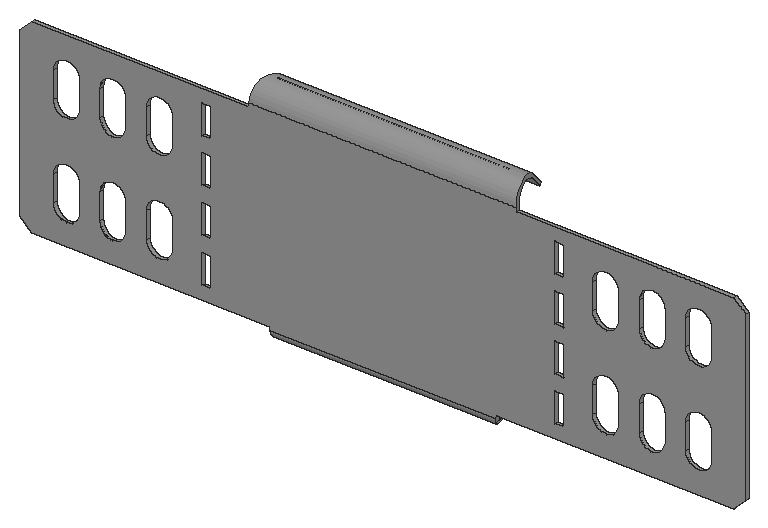
Revit family "Reduzierwinkel_Endabschluss RWEB 610 FS", category Generic Models, Revit 2017
Family settings
  Can host rebar = No
  Round Connector Dimension = Use Diameter
  Part Type = Normal
  Work Plane-Based = No
  Always vertical = Yes
  Cut with Voids When Loaded = No
  Shared = No
  Room Calculation Point = No
Parameters (values of type "RWEB 610 FS")
  URL = "http://www.obo-bettermann.com"
  Material = Strip galvanised
  Manufacturer Art.No. = "7109105"
  Manufacturer = "OBO BETTERMANN"
  GTIN = "4012196241637"
  Cut's number 2 = 2
  Cut's number = 3
  Article Type = "RWEB 610 FS"
Reference planes
  plane 1 "Center (Front/Back)": y = 0
  plane 2: z = 0
  plane 3 "Center (Left/Right)": x = 0
  plane 4: y = 12.5
  plane 5: x = 195
  plane 6: x = 97.5
  plane 7: x = 133.45
  plane 8: x = 61.55
  plane 9: x = 67.33
  plane 10: x = 127.67
  plane 11: x = 97.5
  plane 12: z = 15.862
  plane 13: z = -9.138
  plane 14: z = 3.362
  plane 15: x = 12.5
  plane 16: z = 15.862
  plane 17: z = -9.138
  plane 18: z = 3.362
  plane 19: x = 25.005
  plane 20: z = 15.862
  plane 21: z = -9.138
  plane 22: z = 3.362
  plane 23: x = 37.511
  plane 24: x = 97.5
  plane 25: z = 40.862
  plane 26: z = 15.862
  plane 27: z = 28.362
  plane 28: x = 182.5
  plane 29: z = 40.862
  plane 30: z = 15.862
  plane 31: z = 28.362
  plane 32: x = 169.995
  plane 33: z = 40.862
  plane 34: z = 15.862
  plane 35: z = 28.362
  plane 36: x = 157.489
  plane 37: z = 15.862
  plane 38: z = -9.138
  plane 39: z = 3.362
  plane 40: x = 182.5
  plane 41: z = 15.862
  plane 42: z = -9.138
  plane 43: z = 3.362
  plane 44: x = 169.995
  plane 45: z = 15.862
  plane 46: z = -9.138
  plane 47: z = 3.362
  plane 48: x = 157.489
  plane 49: x = 50
  plane 50: z = 6.5
  plane 51: x = 50
  plane 52: z = 18.532
  plane 53: z = 28.362
  plane 54: x = 50
  plane 55: z = 30.563
  plane 56: x = 50
  plane 57: z = 42.53
  plane 58: x = 145
  plane 59: z = 6.5
  plane 60: x = 145
  plane 61: z = 18.532
  plane 62: x = 145
  plane 63: z = 30.563
  plane 64: x = 145
  plane 65: z = 42.53
  plane 66: z = 40.862
  plane 67: z = 15.862
  plane 68: z = 28.362
  plane 69: x = 12.5
  plane 70: z = 40.862
  plane 71: z = 15.862
  plane 72: z = 28.362
  plane 73: x = 25.005
  plane 74: z = 40.862
  plane 75: z = 15.862
  plane 76: z = 28.362
  plane 77: x = 37.511
Forms (mm)
  Extrusion 1, solid, material "Strip galvanised" <- "Material"
    sketch origin (0, 0, 0) x (0, 1, 0) y (0, 0, 1)
      loop
        line (2, 0) -> (15.995, 0) -> (15.995, 1) -> (2, 1)
        arc (2, 1) -> (1.293, 1.293) -> (1, 2) r 1
        line (1, 2) -> (1, 55)
        arc (1, 55) -> (3.397, 58.665) -> (7.716, 57.937) r 4
        line (7.716, 57.937) -> (11.793, 53.86) -> (12.5, 54.567) -> (8.41, 58.657)
        arc (8.41, 58.657) -> (3.006, 59.585) -> (0, 55) r 5
        line (0, 55) -> (0, 2)
        arc (0, 2) -> (0.586, 0.586) -> (2, 0) r 2
    from 0 to 195
  Extrusion 2, void
    sketch origin (0, 0, 0) x (1, 0, 0) y (0, 1, 0)
      loop
        line (133.45, 0) -> (195, 0) -> (195, 12.5) -> (130.101, 12.5) -> (133.45, 0)
      loop
        line (61.55, 0) -> (64.899, 12.5) -> (0, 12.5) -> (0, 0) -> (61.55, 0)
    from 53.862 to 61.01
  Extrusion 3, void
    sketch origin (0, 0, 0) x (1, 0, 0) y (0, 1, 0)
      loop
        line (67.33, 0) -> (71.616, 15.995) -> (0, 15.995) -> (0, 0) -> (67.33, 0)
      loop
        line (196.17, 0) -> (196.17, 15.995) -> (123.384, 15.995) -> (127.67, 0) -> (196.17, 0)
    from 0 to 1
  Extrusion 4, void
    sketch origin (0, 0, 0) x (1, 0, 0) y (0, 0, 1)
      loop
        line (195, 53.862) -> (192.026, 53.862) -> (195, 50.889) -> (195, 53.862)
      loop
        line (0, 53.862) -> (0, 50.828) -> (3.034, 53.862) -> (0, 53.862)
    from 0 to -1
  Extrusion 5, void
    sketch origin (0, 0, 0) x (1, 0, 0) y (0, 0, 1)
      loop
        line (0, 1) -> (67.402, 1) -> (67.049, 3) -> (0, 3) -> (0, 1)
    from 0 to -2.569
  Extrusion 6, void
    sketch origin (0, 0, 0) x (1, 0, 0) y (0, 0, 1)
      loop
        line (195, 1) -> (195, 3) -> (128.134, 3) -> (127.598, 1) -> (195, 1)
    from 0 to -2.569
  Extrusion 7, void
    sketch origin (0, 0, 0) x (1, 0, 0) y (0, 0, 1)
      loop
        line (0, 3) -> (3.014, 3) -> (0, 6.014) -> (0, 3)
      loop
        line (195, 3) -> (195, 6.025) -> (191.975, 3) -> (195, 3)
    from 0 to -2.569
  Extrusion 8, void
    sketch origin (0, 0, -25) x (1, 0, 0) y (0, 0, 1)
      loop
        arc (9, 37.362) -> (12.5, 33.862) -> (16, 37.362) r 3.5
        line (16, 37.362) -> (16, 44.362)
        arc (16, 44.362) -> (12.5, 47.862) -> (9, 44.362) r 3.5
        line (9, 44.362) -> (9, 37.362)
    from 0 to -1
  Extrusion 9, void
    sketch origin (12.505, 0, -25) x (1, 0, 0) y (0, 0, 1)
      loop
        arc (9, 37.362) -> (12.5, 33.862) -> (16, 37.362) r 3.5
        line (16, 37.362) -> (16, 44.362)
        arc (16, 44.362) -> (12.5, 47.862) -> (9, 44.362) r 3.5
        line (9, 44.362) -> (9, 37.362)
    from 0 to -1
  Extrusion 10, void
    sketch origin (25.011, 0, -25) x (1, 0, 0) y (0, 0, 1)
      loop
        arc (9, 37.362) -> (12.5, 33.862) -> (16, 37.362) r 3.5
        line (16, 37.362) -> (16, 44.362)
        arc (16, 44.362) -> (12.5, 47.862) -> (9, 44.362) r 3.5
        line (9, 44.362) -> (9, 37.362)
    from 0 to -1
  Extrusion 11, void
    sketch origin (0, 0, 0) x (1, 0, 0) y (0, 0, 1)
      loop
        line (186, 37.362) -> (186, 44.362)
        arc (186, 44.362) -> (182.5, 47.862) -> (179, 44.362) r 3.5
        line (179, 44.362) -> (179, 37.362)
        arc (179, 37.362) -> (182.5, 33.862) -> (186, 37.362) r 3.5
    from 0 to -1
  Extrusion 12, void
    sketch origin (12.505, 0, 0) x (1, 0, 0) y (0, 0, 1)
      loop
        line (160.989, 37.362) -> (160.989, 44.362)
        arc (160.989, 44.362) -> (157.489, 47.862) -> (153.989, 44.362) r 3.5
        line (153.989, 44.362) -> (153.989, 37.362)
        arc (153.989, 37.362) -> (157.489, 33.862) -> (160.989, 37.362) r 3.5
    from 0 to -1
  Extrusion 13, void
    sketch origin (25.011, 0, 0) x (1, 0, 0) y (0, 0, 1)
      loop
        line (135.978, 37.362) -> (135.978, 44.362)
        arc (135.978, 44.362) -> (132.478, 47.862) -> (128.978, 44.362) r 3.5
        line (128.978, 44.362) -> (128.978, 37.362)
        arc (128.978, 37.362) -> (132.478, 33.862) -> (135.978, 37.362) r 3.5
    from 0 to -1
  Extrusion 14, void
    sketch origin (0, 0, -25) x (1, 0, 0) y (0, 0, 1)
      loop
        line (186, 37.362) -> (186, 44.362)
        arc (186, 44.362) -> (182.5, 47.862) -> (179, 44.362) r 3.5
        line (179, 44.362) -> (179, 37.362)
        arc (179, 37.362) -> (182.5, 33.862) -> (186, 37.362) r 3.5
    from 0 to -1
  Extrusion 15, void
    sketch origin (12.505, 0, -25) x (1, 0, 0) y (0, 0, 1)
      loop
        line (160.989, 37.362) -> (160.989, 44.362)
        arc (160.989, 44.362) -> (157.489, 47.862) -> (153.989, 44.362) r 3.5
        line (153.989, 44.362) -> (153.989, 37.362)
        arc (153.989, 37.362) -> (157.489, 33.862) -> (160.989, 37.362) r 3.5
    from 0 to -1
  Extrusion 16, void
    sketch origin (25.011, 0, -25) x (1, 0, 0) y (0, 0, 1)
      loop
        line (135.978, 37.362) -> (135.978, 44.362)
        arc (135.978, 44.362) -> (132.478, 47.862) -> (128.978, 44.362) r 3.5
        line (128.978, 44.362) -> (128.978, 37.362)
        arc (128.978, 37.362) -> (132.478, 33.862) -> (135.978, 37.362) r 3.5
    from 0 to -1
  Extrusion 17, void
    sketch origin (0, 0, 0) x (1, 0, 0) y (0, 0, 1)
      loop
        line (48.75, 6.5) -> (51.25, 6.5) -> (51.25, 14.5) -> (48.75, 14.5) -> (48.75, 6.5)
    from 0 to -1
  Extrusion 18, void
    sketch origin (0, 0, 12.032) x (1, 0, 0) y (0, 0, 1)
      loop
        line (48.75, 6.5) -> (51.25, 6.5) -> (51.25, 14.5) -> (48.75, 14.5) -> (48.75, 6.5)
    from 0 to -1
  Extrusion 19, void
    sketch origin (0, 0, 24.063) x (1, 0, 0) y (0, 0, 1)
      loop
        line (48.75, 6.5) -> (51.25, 6.5) -> (51.25, 14.5) -> (48.75, 14.5) -> (48.75, 6.5)
    from 0 to -1
  Extrusion 20, void
    sketch origin (0, 0, 36.03) x (1, 0, 0) y (0, 0, 1)
      loop
        line (48.75, 6.5) -> (51.25, 6.5) -> (51.25, 14.5) -> (48.75, 14.5) -> (48.75, 6.5)
    from 0 to -1
  Extrusion 21, void
    sketch origin (195, 0, 0) x (-1, 0, 0) y (0, 0, -1)
      loop
        line (48.75, -6.5) -> (48.75, -14.5) -> (51.25, -14.5) -> (51.25, -6.5) -> (48.75, -6.5)
    from 0 to -1
  Extrusion 22, void
    sketch origin (195, 0, 12.032) x (-1, 0, 0) y (0, 0, -1)
      loop
        line (48.75, -6.5) -> (48.75, -14.5) -> (51.25, -14.5) -> (51.25, -6.5) -> (48.75, -6.5)
    from 0 to -1
  Extrusion 23, void
    sketch origin (195, 0, 24.063) x (-1, 0, 0) y (0, 0, -1)
      loop
        line (48.75, -6.5) -> (48.75, -14.5) -> (51.25, -14.5) -> (51.25, -6.5) -> (48.75, -6.5)
    from 0 to -1
  Extrusion 24, void
    sketch origin (195, 0, 36.03) x (-1, 0, 0) y (0, 0, -1)
      loop
        line (48.75, -6.5) -> (48.75, -14.5) -> (51.25, -14.5) -> (51.25, -6.5) -> (48.75, -6.5)
    from 0 to -1
  Extrusion 25, void
    sketch origin (0, 0, 0) x (1, 0, 0) y (0, 0, 1)
      loop
        arc (9, 37.362) -> (12.5, 33.862) -> (16, 37.362) r 3.5
        line (16, 37.362) -> (16, 44.362)
        arc (16, 44.362) -> (12.5, 47.862) -> (9, 44.362) r 3.5
        line (9, 44.362) -> (9, 37.362)
    from 0 to -1
  Extrusion 26, void
    sketch origin (12.505, 0, 0) x (1, 0, 0) y (0, 0, 1)
      loop
        arc (9, 37.362) -> (12.5, 33.862) -> (16, 37.362) r 3.5
        line (16, 37.362) -> (16, 44.362)
        arc (16, 44.362) -> (12.5, 47.862) -> (9, 44.362) r 3.5
        line (9, 44.362) -> (9, 37.362)
    from 0 to -1
  Extrusion 27, void
    sketch origin (25.011, 0, 0) x (1, 0, 0) y (0, 0, 1)
      loop
        arc (9, 37.362) -> (12.5, 33.862) -> (16, 37.362) r 3.5
        line (16, 37.362) -> (16, 44.362)
        arc (16, 44.362) -> (12.5, 47.862) -> (9, 44.362) r 3.5
        line (9, 44.362) -> (9, 37.362)
    from 0 to -1
Cuts and joins
  Extrusion 2, Extrusion 3, Extrusion 4, Extrusion 5, Extrusion 6, Extrusion 7, Extrusion 8, Extrusion 9, Extrusion 10, Extrusion 11, Extrusion 12, Extrusion 13, Extrusion 14, Extrusion 15, Extrusion 16, Extrusion 17, Extrusion 18, Extrusion 19, Extrusion 20, Extrusion 21, Extrusion 22, Extrusion 23, Extrusion 24, Extrusion 25, Extrusion 26, Extrusion 27 cuts Extrusion 1
Dimensions and locks
  locked: Extrusion 1 sketch curve to Extrusion 1 sketch curve at 60
  locked: Extrusion 1 sketch curve to Extrusion 1 sketch curve at 15.995
  locked: Extrusion 1 sketch curve to Extrusion 1 sketch curve at 12.5
  locked: Extrusion 1 sketch curve to Extrusion 1 sketch curve at 1  (x3)
  Extrusion 1 sketch curve to Extrusion 1 sketch curve = 15.995 mm
  locked: plane 3 "Center (Left/Right)" to plane 5 at 195
  locked: plane 3 "Center (Left/Right)" to plane 6 at 97.5
  locked: plane 3 "Center (Left/Right)" to plane 11 at 97.5
  locked: Extrusion 8 sketch curve to Extrusion 8 sketch curve at 7
  locked: plane 15 to Extrusion 8 sketch curve at 3.5
  locked: Extrusion 8 sketch curve to plane 12 at 7
  locked: plane 12 to Extrusion 8 sketch curve at 7
  locked: Extrusion 9 sketch curve to Extrusion 9 sketch curve at 7
  locked: plane 19 to Extrusion 9 sketch curve at 3.5
  locked: Extrusion 9 sketch curve to plane 16 at 7
  locked: plane 16 to Extrusion 9 sketch curve at 7
  locked: Extrusion 10 sketch curve to Extrusion 10 sketch curve at 7
  locked: plane 23 to Extrusion 10 sketch curve at 3.5
  locked: Extrusion 10 sketch curve to plane 20 at 7
  locked: plane 20 to Extrusion 10 sketch curve at 7
  locked: plane 24 to plane 3 "Center (Left/Right)" at 97.5
  locked: Extrusion 11 sketch curve to Extrusion 11 sketch curve at 7
  locked: Extrusion 11 sketch curve to plane 28 at 3.5
  locked: Extrusion 11 sketch curve to plane 25 at 7
  locked: plane 25 to Extrusion 11 sketch curve at 7
  locked: Extrusion 12 sketch curve to Extrusion 12 sketch curve at 7
  locked: Extrusion 12 sketch curve to plane 32 at 3.5
  locked: Extrusion 12 sketch curve to plane 29 at 7
  locked: plane 29 to Extrusion 12 sketch curve at 7
  locked: Extrusion 13 sketch curve to Extrusion 13 sketch curve at 7
  locked: Extrusion 13 sketch curve to plane 36 at 3.5
  locked: Extrusion 13 sketch curve to plane 33 at 7
  locked: plane 33 to Extrusion 13 sketch curve at 7
  locked: Extrusion 14 sketch curve to Extrusion 14 sketch curve at 7
  locked: Extrusion 14 sketch curve to plane 40 at 3.5
  locked: Extrusion 14 sketch curve to plane 37 at 7
  locked: plane 37 to Extrusion 14 sketch curve at 7
  locked: Extrusion 15 sketch curve to Extrusion 15 sketch curve at 7
  locked: Extrusion 15 sketch curve to plane 44 at 3.5
  locked: Extrusion 15 sketch curve to plane 41 at 7
  locked: plane 41 to Extrusion 15 sketch curve at 7
  locked: Extrusion 16 sketch curve to Extrusion 16 sketch curve at 7
  locked: Extrusion 16 sketch curve to plane 48 at 3.5
  locked: Extrusion 16 sketch curve to plane 45 at 7
  locked: plane 45 to Extrusion 16 sketch curve at 7
  locked: Extrusion 17 sketch curve to Extrusion 17 sketch curve at 2.5
  locked: Extrusion 17 sketch curve to Extrusion 17 sketch curve at 8
  locked: Extrusion 17 sketch curve to plane 49 at 1.25
  locked: Extrusion 18 sketch curve to Extrusion 18 sketch curve at 2.5
  locked: Extrusion 18 sketch curve to Extrusion 18 sketch curve at 8
  locked: Extrusion 18 sketch curve to plane 51 at 1.25
  locked: cut or joined group of Extrusion 1, Extrusion 2, Extrusion 3, Extrusion 4, Extrusion 5, Extrusion 6, Extrusion 7, Extrusion 8, Extrusion 9, Extrusion 10, Extrusion 11, Extrusion 12, Extrusion 13, Extrusion 14, Extrusion 15, Extrusion 16, Extrusion 17, Extrusion 18, Extrusion 19, Extrusion 20, Extrusion 21, Extrusion 22, Extrusion 23, Extrusion 24, Extrusion 25, Extrusion 26, Extrusion 27 to plane 53 at 25.5
  locked: Extrusion 19 sketch curve to Extrusion 19 sketch curve at 2.5
  locked: Extrusion 19 sketch curve to Extrusion 19 sketch curve at 8
  locked: Extrusion 19 sketch curve to plane 54 at 1.25
  locked: Extrusion 20 sketch curve to Extrusion 20 sketch curve at 2.5
  locked: Extrusion 20 sketch curve to Extrusion 20 sketch curve at 8
  locked: Extrusion 20 sketch curve to plane 56 at 1.25
  locked: Extrusion 21 sketch curve to Extrusion 21 sketch curve at 2.5
  locked: Extrusion 21 sketch curve to Extrusion 21 sketch curve at 8
  locked: Extrusion 21 sketch curve to plane 58 at 1.25
  locked: Extrusion 22 sketch curve to Extrusion 22 sketch curve at 2.5
  locked: Extrusion 22 sketch curve to Extrusion 22 sketch curve at 8
  locked: Extrusion 22 sketch curve to plane 60 at 1.25
  locked: Extrusion 23 sketch curve to Extrusion 23 sketch curve at 2.5
  locked: Extrusion 23 sketch curve to Extrusion 23 sketch curve at 8
  locked: Extrusion 23 sketch curve to plane 62 at 1.25
  locked: Extrusion 24 sketch curve to Extrusion 24 sketch curve at 2.5
  locked: Extrusion 24 sketch curve to Extrusion 24 sketch curve at 8
  locked: Extrusion 24 sketch curve to plane 64 at 1.25
  locked: Extrusion 25 sketch curve to Extrusion 25 sketch curve at 7
  locked: plane 69 to Extrusion 25 sketch curve at 3.5
  locked: Extrusion 25 sketch curve to plane 66 at 7
  locked: plane 66 to Extrusion 25 sketch curve at 7
  locked: Extrusion 26 sketch curve to Extrusion 26 sketch curve at 7
  locked: plane 73 to Extrusion 26 sketch curve at 3.5
  locked: Extrusion 26 sketch curve to plane 70 at 7
  locked: plane 70 to Extrusion 26 sketch curve at 7
  locked: Extrusion 27 sketch curve to Extrusion 27 sketch curve at 7
  locked: plane 77 to Extrusion 27 sketch curve at 3.5
  locked: Extrusion 27 sketch curve to plane 74 at 7
  locked: plane 74 to Extrusion 27 sketch curve at 7
  group 2 to group 3 = 0 mm  (x2)
  group 2 to group 3 = 25 mm
  locked: Extrusion 1 sketch curve to Extrusion 1 sketch curve (angle 45.00°)
  aligned and locked: level to plane 2
  aligned and locked: Extrusion 1 to level
  aligned and locked: plane 5 to Extrusion 1
  aligned and locked: Extrusion 3 to Extrusion 1
  aligned and locked: Extrusion 3 to level
  aligned and locked: plane 1 "Center (Front/Back)" to Extrusion 1
  aligned and locked: plane 1 "Center (Front/Back)" to Extrusion 3  (x2)
  aligned and locked: plane 1 "Center (Front/Back)" to Extrusion 4
  aligned and locked: Extrusion 1 to Extrusion 4
  aligned and locked: Extrusion 5 sketch curve to plane 3 "Center (Left/Right)"
  aligned and locked: plane 1 "Center (Front/Back)" to Extrusion 6
  aligned and locked: Extrusion 6 to Extrusion 5
  aligned and locked: plane 1 "Center (Front/Back)" to Extrusion 7
  aligned and locked: Extrusion 7 to Extrusion 5
  aligned and locked: Extrusion 1 to Extrusion 20
  aligned and locked: Extrusion 1 to Extrusion 19
  aligned and locked: Extrusion 1 to Extrusion 18
  aligned and locked: Extrusion 5 to Extrusion 17
Automatic sketch dimensions
  Extrusion 17 sketch curve to plane 50 = 0 mm
  Extrusion 18 sketch curve to plane 52 = 0 mm
  Extrusion 19 sketch curve to plane 55 = 0 mm
  Extrusion 20 sketch curve to plane 57 = 0 mm
  Extrusion 1 sketch curve to Extrusion 1 sketch curve = 0 mm  (x4)
  Extrusion 1 sketch curve to plane 1 "Center (Front/Back)" = 0 mm
  Extrusion 1 sketch curve to level = 0 mm
  Extrusion 1 sketch curve to Extrusion 1 sketch curve = 1 mm
  Extrusion 1 sketch curve to Extrusion 1 sketch curve = 4 mm
  Extrusion 1 sketch curve to Extrusion 1 sketch curve = 2.716 mm
  Extrusion 2 sketch curve to plane 3 "Center (Left/Right)" = 0 mm
  plane 1 "Center (Front/Back)" to Extrusion 2 sketch curve = 0 mm  (x2)
  Extrusion 2 sketch curve to plane 8 = 0 mm
  Extrusion 2 sketch curve to plane 7 = 0 mm
  Extrusion 2 sketch curve to plane 5 = 0 mm
  plane 8 to Extrusion 2 sketch curve = 3.349 mm
  Extrusion 2 sketch curve to plane 7 = 3.349 mm
  Extrusion 2 sketch curve to plane 1 "Center (Front/Back)" = 12.5 mm  (x2)
  plane 1 "Center (Front/Back)" to Extrusion 3 sketch curve = 0 mm  (x2)
  Extrusion 3 sketch curve to plane 3 "Center (Left/Right)" = 0 mm
  Extrusion 3 sketch curve to plane 9 = 0 mm
  Extrusion 3 sketch curve to plane 10 = 0 mm
  plane 9 to Extrusion 3 sketch curve = 4.286 mm
  Extrusion 3 sketch curve to plane 10 = 4.286 mm
  plane 5 to Extrusion 3 sketch curve = 1.17 mm
  Extrusion 3 sketch curve to plane 1 "Center (Front/Back)" = 15.995 mm  (x2)
  Extrusion 4 sketch curve to plane 3 "Center (Left/Right)" = 0 mm
  Extrusion 4 sketch curve to plane 5 = 0 mm
  plane 3 "Center (Left/Right)" to Extrusion 4 sketch curve = 3.034 mm
  Extrusion 4 sketch curve to plane 5 = 2.974 mm
  plane 53 to Extrusion 4 sketch curve = 22.466 mm
  plane 53 to Extrusion 4 sketch curve = 22.526 mm
  Extrusion 4 sketch curve to Extrusion 4 sketch curve = 2.974 mm
  Extrusion 4 sketch curve to Extrusion 4 sketch curve = 3.034 mm
  level to Extrusion 5 sketch curve = 3 mm
  Extrusion 5 sketch curve to plane 24 = 30.451 mm
  level to Extrusion 5 sketch curve = 1 mm
  Extrusion 5 sketch curve to Extrusion 5 sketch curve = 0.353 mm
  Extrusion 6 sketch curve to plane 5 = 0 mm
  level to Extrusion 6 sketch curve = 3 mm
  plane 24 to Extrusion 6 sketch curve = 30.634 mm
  level to Extrusion 6 sketch curve = 1 mm
  Extrusion 6 sketch curve to Extrusion 6 sketch curve = 0.536 mm
  Extrusion 7 sketch curve to plane 3 "Center (Left/Right)" = 0 mm
  Extrusion 7 sketch curve to plane 5 = 0 mm
  plane 3 "Center (Left/Right)" to Extrusion 7 sketch curve = 3.014 mm
  Extrusion 7 sketch curve to plane 5 = 3.025 mm
  level to Extrusion 7 sketch curve = 3 mm  (x2)
  Extrusion 7 sketch curve to Extrusion 7 sketch curve = 3.014 mm
  Extrusion 7 sketch curve to Extrusion 7 sketch curve = 3.025 mm
  Extrusion 21 sketch curve to plane 59 = 0 mm
  Extrusion 22 sketch curve to plane 61 = 0 mm
  Extrusion 23 sketch curve to plane 63 = 0 mm
  Extrusion 24 sketch curve to plane 65 = 0 mm
